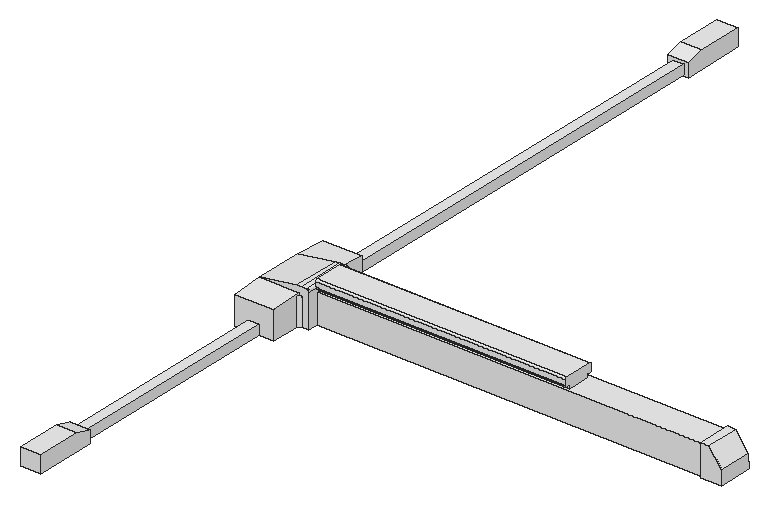
Revit family "Door-Hardware_Exit-Device_Hager_4500", category Specialty Equipment, Revit 2026
Family settings
  Round Connector Dimension = Use Diameter
  Part Type = Normal
  Classification Number = 23.30.40.31
  Work Plane-Based = Yes
  Enable Cutting in Views = No
  Always vertical = No
  Cut with Voids When Loaded = No
  Maintain Annotation Orientation = No
  Shared = Yes
  Room Calculation Point = No
Parameters
  Warranty Duration (Years) = 0
  Unit Width [instance] = 2' - 9 5/32"
  Unit Width Considerations [instance] = "Certain Functions have minimum widths. Consult Hager for more information."  # constant formula
  URL = "http://www.hagerco.com/"
  Top Rod = yes
  Strike Plate Type [instance] = ""
  Standards Conformance = "as Specified"
  Specification = "http://www.arcat.com/sdspecs/htm04/08_71_00hco.htm"
  SpecWizard = ""
  Send Message = ""
  Sales Information = "http://www.hagerco.com/contact-us.aspx"
  Revision = "R1_2015-10"
  Pushplate Length [instance] = if([36in Base Model], 1' 6 5/32", 2' 0")  # 1' - 6 5/32"
  Product Properties = ""
  Product Data = "http://www.arcat.com/arcatcos/cos32/arc32922.html"
  Operating Temperature Range = "Interior - Exterior"
  Model = "As Specified"
  Manufacturer Website = "http://www.hagerco.com/"
  Manufacturer Phone - Toll Free = "800-325-9995"
  Manufacturer Phone = "314-772-4400"
  Manufacturer Fax = "800-782-0149"
  Manufacturer Address = "139 Victor St.  St. Louis, MO 63104"
  Manufacturer = "Hager Companies"
  Maintenance Schedule (Months) = 0
  Latchbolt Type [instance] = ""
  Keynote = "087100"
  Keying Type [instance] = ""
  Keying Function = ""
  Installation-Fabrication = ""
  Installation Phase = ""
  Green Building-LEED = ""
  Function Type = ""
  Function Description = ""
  Fixture Finish [instance] = Metal - Standard US Finish as Specified
  Expected Lifespan (Years) = 0
  Drawn By = "Sumex Design, Inc. / Robert S. Weygant, CSI, CDT, SCIP"
  Door Thickness [instance] = 0' - 1 3/4"
  Description = ""
  Default Unit Width [instance] = if([36in Base Model], 2' 9 5/32", 3' 8")  # 2' - 9 5/32"
  Default Elevation = 0' - 0"  # constant formula
  Cylinder Type [instance] = ""
  Copyright = "©Arcat Inc."
  Construction Details = ""
  CL Elevation to Top of Door [instance] = 3' - 3"
  CL Elevation to Bottom of Door [instance] = 2' - 0.30135"
  Bottom Rod = yes
  Backset [instance] = 0' - 2 3/4"
  Available Options [instance] = ""
  Assembly Code = "C1020410"
  48in Base Model [instance] = not([36in Base Model])  # no
  36in Base Model [instance] = yes
Reference planes (in)
  plane 1 "Handle CL": y = 0
  plane 2 "Bottom": z = 0
  plane 3 "Center Rig": x = 0
  plane 4: z = 0
  plane 5: x = -1.42187
  plane 6: x = 31.73438
  plane 7: x = 2.20313
  plane 8: x = 20.35938
  plane 9: x = 30.23438
  plane 10: y = -24.30135
  plane 11: y = 39
Forms (in)
  Extrusion 1, solid, material "Metal - Standard US Finish as Specified" <- "Fixture Finish"
    sketch origin (0, 0, 0) x (1, 0, 0) y (0, 1, 0)
      loop
        line (-1.42187, 4.01562) -> (-1.42187, -4.01563) -> (1.42188, -4.01563) -> (1.42188, -2)
        arc (1.42188, -2) -> (1.4951, -1.82322) -> (1.67188, -1.75) r 0.25
        line (1.67188, -1.75) -> (2.20313, -1.75) -> (2.20313, 0) -> (2.20313, 1.75) -> (1.67188, 1.75)
        arc (1.67188, 1.75) -> (1.4951, 1.82322) -> (1.42188, 2) r 0.25
        line (1.42188, 2) -> (1.42188, 4.01562) -> (-1.42187, 4.01562)
    from 0 to 2
  Extrusion 2, solid, material "Metal - Standard US Finish as Specified" <- "Fixture Finish"
    sketch origin (0, 0, 0) x (1, 0, 0) y (0, 0, 1)
      loop
        line (2.20313, 2) -> (2.20313, 2.4375)
        arc (2.20313, 2.4375) -> (2.14821, 2.57008) -> (2.01563, 2.625) r 0.1875
        line (2.01563, 2.625) -> (1.64002, 2.625)
        arc (1.64002, 2.625) -> (1.4868, 2.61887) -> (1.33455, 2.60051) r 1.91768
        line (1.33455, 2.60051) -> (-1.42187, 2.15577) -> (-1.42187, 2) -> (2.20313, 2)
    from -1.75 to 1.75
  Extrusion 3, solid, material "Metal - Standard US Finish as Specified" <- "Fixture Finish"
    sketch origin (0, 0, 0) x (0, 1, 0) y (0, 0, 1)
      loop
        line (-4.01563, 2) -> (4.01562, 2) -> (1.75, 2.15577) -> (-1.75, 2.15577) -> (-4.01563, 2)
    from -1.42187 to 1.42188
  Extrusion 4, solid, material "Metal - Standard US Finish as Specified" <- "Fixture Finish"
    sketch origin (0, 0, 0) x (1, 0, 0) y (0, 0, 1)
      loop
        line (31.73438, 0) -> (31.73438, 1.00083) -> (30.83781, 2.28125) -> (30.23438, 2.28125) -> (30.23438, 0) -> (31.73438, 0)
    from -1.21875 to 1.21875
  Extrusion 5, solid, material "Metal - Standard US Finish as Specified" <- "Fixture Finish"
    sketch origin (0, 0, 0) x (0, 1, 0) y (0, 0, 1)
      loop
        line (1.0625, 0) -> (1.0625, 2.15577) -> (0.8125, 2.15577) -> (0.8125, 2.36322) -> (1.01601, 2.36322)
        arc (1.01601, 2.36322) -> (1.1044, 2.39983) -> (1.14101, 2.48822) r 0.125
        line (1.14101, 2.48822) -> (1.14101, 2.875)
        arc (1.14101, 2.875) -> (1.1044, 2.96339) -> (1.01601, 3) r 0.125
        line (1.01601, 3) -> (-1.01601, 3)
        arc (-1.01601, 3) -> (-1.1044, 2.96339) -> (-1.14101, 2.875) r 0.125
        line (-1.14101, 2.875) -> (-1.14101, 2.48822)
        arc (-1.14101, 2.48822) -> (-1.1044, 2.39983) -> (-1.01601, 2.36322) r 0.125
        line (-1.01601, 2.36322) -> (-0.8125, 2.36322) -> (-0.8125, 2.15577) -> (-1.0625, 2.15577) -> (-1.0625, 0) -> (1.0625, 0)
    from 2.20313 to 20.35938
  Extrusion 6, solid, material "Metal - Standard US Finish as Specified" <- "Fixture Finish"
    sketch origin (0, 0, 0) x (0, 1, 0) y (0, 0, 1)
      loop
        line (1.0625, 0) -> (1.0625, 2.15577) -> (-1.0625, 2.15577) -> (-1.0625, 0) -> (1.0625, 0)
    from 20.35938 to 30.23438
  Extrusion 7, solid, material "Metal - Standard US Finish as Specified" <- "Fixture Finish", visible <- "Bottom Rod"
    sketch origin (0, 0, 0) x (0, 1, 0) y (0, 0, 1)
      loop
        line (0, 0) -> (0, 0.75) -> (-24, 0.75) -> (-24, 0) -> (0, 0)
    from 0.375 to -0.375
  Extrusion 8, solid, material "Metal - Standard US Finish as Specified" <- "Fixture Finish", visible <- "Top Rod"
    sketch origin (0, 0, 0) x (0, 1, 0) y (0, 0, 1)
      loop
        line (0, 0) -> (38.75, 0) -> (38.75, 0.75) -> (0, 0.75) -> (0, 0)
    from 0.375 to -0.375
  Extrusion 9, solid, material "Metal - Standard US Finish as Specified" <- "Fixture Finish", visible <- "Bottom Rod"
    sketch origin (0, 0, 0) x (0, 1, 0) y (0, 0, 1)
      loop
        line (-24.30135, 0) -> (-19.8228, 0) -> (-19.8228, 0.9277) -> (-21.02565, 1.25) -> (-24.30135, 1.25) -> (-24.30135, 0)
    from -0.75 to 0.75
  Extrusion 10, solid, material "Metal - Standard US Finish as Specified" <- "Fixture Finish", visible <- "Top Rod"
    sketch origin (0, 0, 0) x (0, -1, 0) y (0, 0, -1)
      loop
        line (-39, 0) -> (-39, -1.25) -> (-35.7243, -1.25) -> (-34.52145, -0.9277) -> (-34.52145, 0) -> (-39, 0)
    from -0.75 to 0.75
Cuts and joins
  joined: Extrusion 1, Extrusion 2, Extrusion 3
  joined: Extrusion 5, Extrusion 6
Dimensions and locks (in)
  plane 4 to level = 0' - 0"
  "Unit Width": plane 5 to plane 6
  "Pushplate Length": plane 7 to plane 8
  locked: plane 5 to plane 3 "Center Rig" at 1.42187
  "CL Elevation to Bottom of Door": plane 10 to plane 1 "Handle CL"
  "CL Elevation to Top of Door": plane 1 "Handle CL" to plane 11
  locked: plane 10 to Extrusion 7 sketch curve at 0.30135
  locked: Extrusion 8 sketch curve to plane 11 at 0.25
  plane 10 to Extrusion 9 sketch curve to Extrusion 9 sketch curve = 0' - 3.2757" locked, 0' - 1.20285" locked
  locked: Extrusion 10 sketch curve to Extrusion 10 sketch curve at 1.20285
  locked: Extrusion 10 sketch curve to plane 11 at 3.2757
  locked: plane 5 to plane 7 at 3.625
  locked: plane 9 to plane 6 at 1.5
  aligned and locked: plane 7 to Extrusion 5
  aligned and locked: plane 8 to Extrusion 5
  aligned and locked: Extrusion 6 to plane 9
  aligned and locked: Extrusion 6 to plane 8
  aligned and locked: Extrusion 7 sketch curve to plane 1 "Handle CL"
  aligned and locked: plane 1 "Handle CL" to Extrusion 8 sketch curve
  aligned and locked: plane 11 to Extrusion 10 sketch curve
Automatic sketch dimensions
  Extrusion 1 sketch curve to plane 5 = 0' - 0"
  plane 1 "Handle CL" to Extrusion 1 sketch curve = 0' - 0"
  Extrusion 1 sketch curve to plane 7 = 0' - 0"
  plane 7 to Extrusion 1 sketch curve = 0' - 0 25/32"  (x2)
  Extrusion 1 sketch curve to Extrusion 1 sketch curve = 0' - 0 1/4"
  Extrusion 1 sketch curve to Extrusion 1 sketch curve = 0' - 0 17/32"
  Extrusion 1 sketch curve to Extrusion 1 sketch curve = 0' - 1 3/4"
  Extrusion 1 sketch curve to Extrusion 1 sketch curve = 0' - 2 1/64"  (x2)
  Extrusion 1 sketch curve to plane 1 "Handle CL" = 0' - 1 3/4"
  level to Extrusion 3 sketch curve = 0' - 2"
  plane 1 "Handle CL" to Extrusion 3 sketch curve = 0' - 4 1/64"
  plane 1 "Handle CL" to Extrusion 3 sketch curve = 0' - 1 3/4"
  Extrusion 3 sketch curve to plane 1 "Handle CL" = 0' - 1 3/4"
  Extrusion 3 sketch curve to Extrusion 3 sketch curve = 0' - 2 17/64"
  level to Extrusion 3 sketch curve = 0' - 2.15577"
  Extrusion 4 sketch curve to level = 0' - 0"
  plane 9 to Extrusion 4 sketch curve = 0' - 0"
  Extrusion 4 sketch curve to plane 6 = 0' - 0"
  Extrusion 4 sketch curve to plane 9 = 0' - 0.60344"
  Extrusion 4 sketch curve to Extrusion 4 sketch curve = 0' - 1.00083"
  Extrusion 4 sketch curve to Extrusion 4 sketch curve = 0' - 1.28042"
  Extrusion 5 sketch curve to level = 0' - 0"
  plane 1 "Handle CL" to Extrusion 5 sketch curve = 0' - 1.14101"
  Extrusion 5 sketch curve to Extrusion 5 sketch curve = 0' - 0.07851"
  Extrusion 5 sketch curve to Extrusion 5 sketch curve = 0' - 0 1/8"  (x3)
  Extrusion 5 sketch curve to Extrusion 5 sketch curve = 0' - 0.20351"  (x2)
  Extrusion 5 sketch curve to plane 1 "Handle CL" = 0' - 0 13/16"
  Extrusion 5 sketch curve to Extrusion 5 sketch curve = 0' - 0"  (x2)
  Extrusion 5 sketch curve to plane 1 "Handle CL" = 0' - 1 1/16"
  level to Extrusion 5 sketch curve = 0' - 2.15577"
  Extrusion 5 sketch curve to Extrusion 5 sketch curve = 0' - 0.20745"  (x2)
  Extrusion 5 sketch curve to Extrusion 5 sketch curve = 0' - 0.38678"
  Extrusion 6 sketch curve to level = 0' - 0"
  plane 1 "Handle CL" to Extrusion 6 sketch curve = 0' - 1 1/16"
  Extrusion 6 sketch curve to plane 1 "Handle CL" = 0' - 1 1/16"
  Extrusion 6 sketch curve to Extrusion 6 sketch curve = 0' - 2.15577"
  Extrusion 7 sketch curve to level = 0' - 0"
  Extrusion 7 sketch curve to Extrusion 7 sketch curve = 0' - 0 3/4"
  Extrusion 8 sketch curve to level = 0' - 0"
  Extrusion 8 sketch curve to Extrusion 8 sketch curve = 0' - 0 3/4"
  Extrusion 9 sketch curve to level = 0' - 0"
  Extrusion 9 sketch curve to plane 10 = 0' - 0"
  Extrusion 9 sketch curve to Extrusion 9 sketch curve = 0' - 0.9277"
  Extrusion 9 sketch curve to Extrusion 9 sketch curve = 0' - 1 1/4"
  Extrusion 10 sketch curve to level = 0' - 0"
  Extrusion 10 sketch curve to level = 0' - 1 1/4"
  Extrusion 10 sketch curve to level = 0' - 0.9277"
  plane 5 to Extrusion 2 sketch curve = 0' - 0"
  plane 7 to Extrusion 2 sketch curve = 0' - 0"
  plane 7 to Extrusion 2 sketch curve = 0' - 0.86857"
  plane 7 to Extrusion 2 sketch curve = 0' - 0.5631"
  plane 7 to Extrusion 2 sketch curve = 0' - 0 3/16"
  level to Extrusion 2 sketch curve = 0' - 0.70732"
  Extrusion 2 sketch curve to Extrusion 2 sketch curve = 0' - 1.29268"
  Extrusion 2 sketch curve to Extrusion 2 sketch curve = 0' - 0.15577"
  Extrusion 2 sketch curve to Extrusion 2 sketch curve = 0' - 0 7/16"
